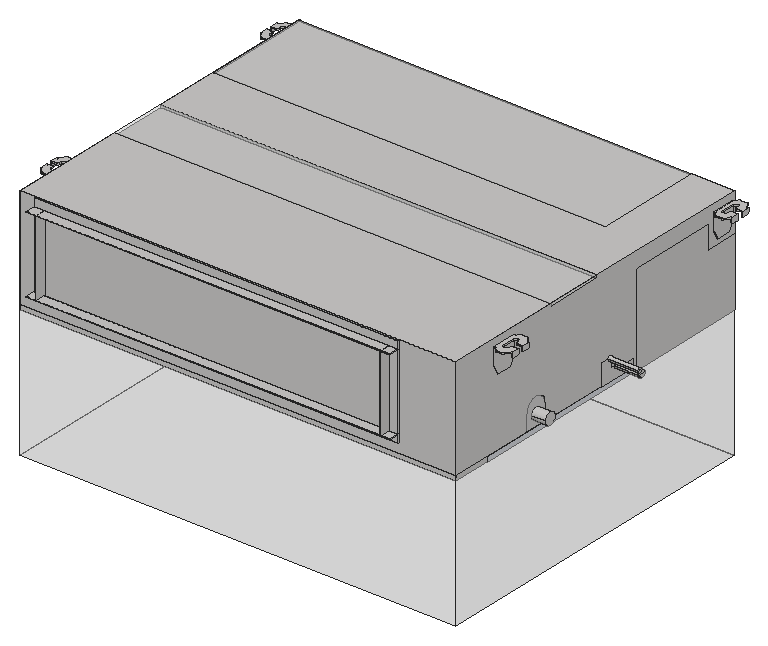
Revit family "outputfile", category 機械設備, Revit 2024
Family settings
  丸型コネクタ寸法 = 半径を使用
  パーツ タイプ = 標準
  OmniClass 番号 = 23.75.10.24.21.27.27
  OmniClass タイトル = Split System Air Conditioning Units
  作業面ベース = いいえ
  常に垂直 = はい
  ロード時にボイドで切り取り = いいえ
  注釈の向きを維持 = いいえ
  共有 = いいえ
  部屋計算ポイント = はい
Parameters (values of type "FXDBQ63AVMS")
  Description = ""
  書き出し IFC クラス(タイプ) = "IfcUnitaryEquipmentType"
  定義済み IFC タイプ(タイプ) = "AIRCONDITIONINGUNIT"
  Cost = 0
  Type Comments = ""
  Keynote = ""
  Type Image = (empty or 0)
  Assembly Code = ""
  lh_liquidpipe = [h***] + 60.0 mm  # 60.0 mm
  lh_RA [instance] = if(Rear Connection_Return Air, 125.25 mm + [h***], 245.0 mm + [h***])  # 125.25 mm
  ld_RA_length [instance] = if(Rear Connection_Return Air, 245.0 mm, 126.0 mm)  # 245.0 mm
  l_liquidpipe_length [instance] = 571.0 mm
  l_gaspipe_length [instance] = 558.0 mm
  l_drainpipe_length [instance] = 533.0 mm
  angle_vertica [instance] = 90.00°
  angle horizontal [instance] = if(Right Connection_refrigerant, 180.00°, 0.00°)  # 180.00°
  URL = ""
  Right Connection_refrigerant [instance] = yes
  製造元 = "Daikin"
  モデル = "FXDBQ63AVMS"
  w_pipe = 33.0 mm
  r_Liquid Pipe Size = Liquid Pipe Size / 2  # 4.75 mm
  r_Gas Pipe Size = Gas Pipe Size / 2  # 7.95 mm
  r_Drain Pipe Size = Drain Pipe Size / 2  # 12.5 mm
  lw_powersupply = 454.0 mm
  lw_ductflange2 = 902.0 mm
  lw_Width = 835.0 mm
  lh_suctionflange [instance] = 125.25 mm
  ld_suctionflange [instance] = if(Rear Connection_Return Air, 190.0 mm, 100.0 mm)  # 190.0 mm
  ld_powersupply = 60.0 mm
  angle_vertical_RA [instance] = if(Rear Connection_Return Air, 90.00°, 0.00°)  # 90.00°
  angle horizontal_RA [instance] = if(Rear Connection_Return Air, 180.00°, 270.00°)  # 180.00°
  Voltage_comment_50Hz = "220-240"
  Voltage_50Hz = 230 V
  Supply Air Direction [instance] = yes
  Sound Power Level_H speed (dB) = 0
  Rear Connection_Return Air [instance] = not(Bottom Connection_Return Air)  # yes
  RA_length [instance] = 245.0 mm  # constant formula
  Phase_50Hz = 1
  Minimum External Static Pressure = 15.00 Pa
  Minimum Circuit Amps_50Hz = 1.5 A
  Maximum Fuse Amps_50Hz = 16.0 A
  Maximum External Static Pressure = 50.00 Pa
  Material_Casing = DAIKIN_GalvanizedSteel_Casing_indoorunit
  lw_liquidpipe = 71.0 mm  # constant formula
  lw_gaspipe = 58.0 mm  # constant formula
  lw_mountinghole_pitch = 1038.0 mm
  lw_mountinghole = 20.0 mm  # constant formula
  lw_drainpipe = 33.0 mm  # constant formula
  lh_powersupply = 10.0 mm
  lh_gaspipe = [h***] + 38.0 mm  # 38.0 mm
  lh_mountinghole = Height - 15.0 mm + [h***]  # 230.0 mm
  lh_drainpipe = 150.0 mm
  lh_antena = 16.0 mm  # constant formula
  ld_liquidpipe = 193.0 mm  # constant formula
  ld_gaspipe = 130.0 mm  # constant formula
  ld_mountinghole_pitch = 630.0 mm  # constant formula
  ld_drainpipe = 280.0 mm
  ld_controlbox = 626.0 mm  # constant formula
  h*** = 0.0 mm  # constant formula
  d_dischargeflange = 25.0 mm  # constant formula
  Width = 1000.0 mm
  Version = "ver.1.0"
  Unit Type = "Bedroom Duct Type"
  Unit Mass Weight = 36.00 kg
  Unit Designation [instance] = ""
  Uniclass2015Version = "Products v1.30"
  Uniclass2015Title = "Variable refrigerant flow units"
  Uniclass2015Code = "Pr_70_65_03_94"
  Total Heating Capacity [instance] = 0.000 kW
  Total Cooling Capacity [instance] = 0.000 kW
  Sound Pressure Level_M speed (dBA) = 0
  Sound Pressure Level_L speed (dBA) = 27
  Sound Pressure Level_H speed (dBA) = 35
  Series = "VRV Fan Coil Unit"
  Sensible Cooling Capacity [instance] = 0.000 kW
  SA Duct Size Width = 790.0 mm
  SA Duct Size Height = 174.0 mm
  Refrigerant Type = "R410A"
  RA Duct Size Width = 862.0 mm
  RA Duct Size Height [instance] = if(Rear Connection_Return Air, 202.6 mm, 204.0 mm)  # 202.6 mm
  Power Input (Heating) = 0.090 kW
  Power Input (Cooling) = 0.090 kW
  Option Accessory 3 [instance] = ""
  Option Accessory 2 [instance] = ""
  Option Accessory 1 [instance] = ""
  Nominal Heating Capacity = 8.000 kW
  Nominal Cooling Capacity = 7.100 kW
  Minimum Airflow = 870.00 m³/h
  Median Airflow = 1080.00 m³/h
  Maximum Airflow = 1320.00 m³/h
  Load Classification = HVAC
  Liquid Pipe Size = 9.5 mm
  Link_Nested Family [instance] = ""
  Left Connection_refrigerant [instance] = no
  IfcVersion = "0"
  IfcExportType = "AIRCONDITIONINGUNIT"
  IfcExportAs = "IfcUnitaryEquipmentType"
  Height = 245.0 mm
  Heating Entering Wet Bulb Temperature [instance] = 0.00 °C
  Heating Entering Dry Bulb Temperature [instance] = 0.00 °C
  Heating Ambient Wet Bulb Temperature [instance] = 0.00 °C
  Heating Ambient Dry Bulb Temperature [instance] = 0.00 °C
  Heat Exchanger Type = "Cross Fin Coil"
  Gas Pipe Size = 15.9 mm
  Frequency_50Hz = 50 Hz
  Fan Type = "Sirocco Fan"
  Fan Drive = "Direct Drive"
  FCU Tag No. [instance] = ""
  Drain Pipe Size = 25.0 mm
  Design Supply Airflow [instance] = 0.00 m³/h
  Design Return Airflow [instance] = 0.00 m³/h
  Design External Static Pressure [instance] = 0.00 Pa
  Depth = 800.0 mm
  既定の高さ = 0.0 mm
  Cooling Entering Wet Bulb Temperature [instance] = 0.00 °C
  Cooling Entering Dry Bulb Temperature [instance] = 0.00 °C
  Cooling Ambient Wet Bulb Temperature [instance] = 0.00 °C
  Cooling Ambient Dry Bulb Temperature [instance] = 0.00 °C
  Clearance visibility [instance] = yes
  Clearance Top = 0.0 mm
  Clearance Right = 0.0 mm
  Clearance Rear = 0.0 mm
  Clearance Left = 0.0 mm
  Clearance Front = 0.0 mm
  Clearance Bottom = 300.0 mm
  Bottom Connection_Return Air [instance] = no
Reference planes
  plane 1 "Center (Front/Back)": y = 0
  plane 2: z = 0
  plane 3 "Center (Left/Right)": x = 0
  plane 4 "Back": y = 400
  plane 5 "Front": y = -400
  plane 6 "Left": x = -500
  plane 7 "Right": x = 500
  plane 8 "Top": z = 0
  plane 9 "Bottom": z = -245
  plane 10: x = 330
  plane 11: x = -330
  plane 12: z = -235
  plane 13: z = -6
  plane 14: z = -67
  plane 15: z = -185
  plane 16: z = -207
  plane 17: x = -304
  plane 18: x = 304
  plane 19: x = -519
  plane 20: x = 519
  plane 21: x = -539
  plane 22: x = 390
  plane 23: x = 571
  plane 24: x = 558
  plane 25: x = 533
  plane 26: z = -15
  plane 27: z = -95
  plane 28 "Clearance Left": x = -500
  plane 29 "Clearance Right": x = 500
  plane 30 "Clearance Rear": y = 400
  plane 31 "Clearance Front": y = -400
  plane 32 "Clearance Top": z = 0
  plane 33 "Clearance Bottom": z = -545
  plane 34: z = -21
  plane 35: z = -206
  plane 36: z = -141.5
  plane 37: x = -40
  plane 38: y = 61
  plane 39: y = 39
  plane 40: y = -30
  plane 41: y = -171
  plane 42: z = -97.5
  plane 43: y = -400
  plane 44: x = -499
  plane 45: z = -145
  plane 46: z = -355
  plane 47: y = 210
  plane 48: z = 331
  plane 49: z = -244
  plane 50: y = 210
  plane 51: z = -146
  plane 52: x = 533
  plane 53: x = 495
  plane 54: x = 505
  plane 55: x = 501
  plane 56: x = 401
  plane 57: x = 499.004
  plane 58: x = -499
  plane 59: x = 454
  plane 60: z = -108
  plane 61: z = -234
  plane 62: x = -467
  plane 63: z = -3
  plane 64: x = -49.5
  plane 65: z = -1
  plane 66: y = 155
  plane 67: x = -50
  plane 68: y = -266
  plane 69: y = 364
  plane 70: z = -15
  plane 71: z = -185
  plane 72: z = -207
  plane 73: x = -533
  plane 74: x = -501
  plane 75: x = -571
  plane 76: x = -558
  plane 77: y = 280.25
  plane 78: z = 125.25
  plane 79: y = 117.5
  plane 80: z = -36.4
  plane 81: y = 399
Forms (mm)
  Extrusion 1, solid
    sketch origin (0, 0, 0) x (1, 0, 0) y (0, 0, 1)
      loop
        line (-500, -235) -> (-500, -245) -> (500, -245) -> (500, -235) -> (-500, -235)
    from -116.5 to 310
  Extrusion 2, solid, material "DAIKIN_GalvanizedSteel_Casing_indoorunit" <- "Material_Casing"
    sketch origin (0, 0, 0) x (1, 0, 0) y (0, 1, 0)
      loop
        line (-500, -400) -> (500, -400) -> (500, 400) -> (-500, 400) -> (-500, -400)
    from -245 to 0
  Extrusion 3, void
    sketch origin (0, 0, 1) x (1, 0, 0) y (0, 1, 0)
      loop
        line (-500, -128.821) -> (500, -128.821) -> (500, 4.179) -> (-500, 4.179) -> (-500, -128.821)
    from -1 to -7
  Revolve 4, solid, material "DAIKIN_GalvanizedSteel_Casing_indoorunit" <- "Material_Casing"
    sketch origin (0, 0, -207) x (0, -1, 0) y (1, 0, 0)
      loop
        line (-68.95, 501) -> (-61, 501) -> (-61, 558) -> (-68.95, 558) -> (-68.95, 501)
      axis (-61, 501) -> (-61, 558)
    angle from 0 to 360
  Revolve 5, solid, material "DAIKIN_GalvanizedSteel_Casing_indoorunit" <- "Material_Casing"
    sketch origin (0, 0, -185) x (0, -1, 0) y (1, 0, 0)
      loop
        line (-39, 501) -> (-39, 571) -> (-43.75, 571) -> (-43.75, 501) -> (-39, 501)
      axis (-39, 571) -> (-39, 501)
    angle from 0 to 360
  Extrusion 6, solid, material "DAIKIN_GalvanizedSteel_Casing_indoorunit" <- "Material_Casing"
    sketch origin (0, 0, 0) x (0, 1, 0) y (0, 0, 1)
      loop
        circle (-171, -206) r 13
    from 533 to 499.004
  Extrusion 7, solid, material "DAIKIN_GalvanizedSteel_Casing_indoorunit" <- "Material_Casing"
    sketch origin (0, 0, 0) x (1, 0, 0) y (0, 0, 1)
      loop
        line (-500, -235) -> (-500, -245) -> (500, -245) -> (500, -235) -> (-500, -235)
    from -116.5 to 400
  Extrusion 8, void
    sketch origin (0, 0, 0) x (1, 0, 0) y (0, 0, 1)
      loop
        line (401, 0) -> (-499, 0) -> (-499, -1) -> (401, -1) -> (401, 0)
    from -400 to -152.5
  Extrusion 9, solid, material "DAIKIN_GalvanizedSteel_Casing_indoorunit" <- "Material_Casing", visible <- "Rear Connection_Return Air"
    sketch origin (0, 0, 0) x (1, 0, 0) y (0, 1, 0)
      loop
        line (-499, 400) -> (-499, 152.5) -> (401, 152.5) -> (401, 400) -> (-499, 400)
    from -245 to -244
  Extrusion 10, solid, material "DAIKIN_GalvanizedSteel_Casing_indoorunit" <- "Material_Casing", visible <- "Bottom Connection_Return Air"
    sketch origin (0, 0, 0) x (1, 0, 0) y (0, 0, 1)
      loop
        line (401, -1) -> (-499, -1) -> (-499, -245) -> (401, -245) -> (401, -1)
    from -400 to -399
  Extrusion 11, void
    sketch origin (0, 0, 0) x (0, 1, 0) y (0, 0, 1)
      loop
        arc (-143.5, -198.721) -> (-171, -171.221) -> (-198.5, -198.721) r 27.5
        line (-198.5, -198.721) -> (-198.5, -235) -> (-143.5, -235) -> (-143.5, -198.721)
    from 499.004 to 500
  Extrusion 12, solid, material "DAIKIN_GalvanizedSteel_Casing_indoorunit" <- "Material_Casing"
    sketch origin (0, 0, 0) x (0, 1, 0) y (0, 0, 1)
      loop
        line (35.8, -185) -> (16.8, -185) -> (16.8, -235) -> (107.3, -235) -> (107.3, -217) -> (67.3, -217) -> (67.3, -207)
        arc (67.3, -207) -> (60.975, -213.325) -> (54.65, -207) r 6.325
        line (54.65, -207) -> (42.2, -207) -> (42.2, -185)
        arc (42.2, -185) -> (39, -188.2) -> (35.8, -185) r 3.2
    from 500 to 501
  Extrusion 13, void
    sketch origin (0, 0, 0) x (0, 1, 0) y (0, 0, -1)
      loop
        line (-143.5, 198.721) -> (-143.5, 235) -> (-198.5, 235) -> (-198.5, 198.721)
        arc (-198.5, 198.721) -> (-171, 171.221) -> (-143.5, 198.721) r 27.5
    from 499 to 500
  Extrusion 14, solid, material "DAIKIN_GalvanizedSteel_Casing_indoorunit" <- "Material_Casing"
    sketch origin (0, 0, 0) x (0, 1, 0) y (0, 0, -1)
      loop
        circle (-171, 206) r 13
    from 533 to 499
  Extrusion 15, solid, material "DAIKIN_GalvanizedSteel_Casing_indoorunit" <- "Material_Casing"
    sketch origin (0, 0, 0) x (0, 1, 0) y (0, 0, -1)
      loop
        arc (35.8, 185) -> (39, 188.2) -> (42.2, 185) r 3.2
        line (42.2, 185) -> (42.2, 207) -> (54.65, 207)
        arc (54.65, 207) -> (60.975, 213.325) -> (67.3, 207) r 6.325
        line (67.3, 207) -> (67.3, 217) -> (107.3, 217) -> (107.3, 235) -> (16.8, 235) -> (16.8, 185) -> (35.8, 185)
    from 500 to 501
  Revolve 16, solid, material "DAIKIN_GalvanizedSteel_Casing_indoorunit" <- "Material_Casing"
    sketch origin (0, 0, -185) x (0, -1, 0) y (1, 0, 0)
      loop
        line (-39, -501) -> (-43.75, -501) -> (-43.75, -571) -> (-39, -571) -> (-39, -501)
      axis (-39, -571) -> (-39, -501)
    angle from 0 to 360
  Revolve 17, solid, material "DAIKIN_GalvanizedSteel_Casing_indoorunit" <- "Material_Casing"
    sketch origin (0, 0, -207) x (0, -1, 0) y (1, 0, 0)
      loop
        line (-68.95, -501) -> (-68.95, -558) -> (-61, -558) -> (-61, -501) -> (-68.95, -501)
      axis (-61, -501) -> (-61, -558)
    angle from 0 to 360
  Extrusion 18, solid, material "DAIKIN_GalvanizedSteel_Casing_indoorunit" <- "Material_Casing"
    sketch origin (0, 0, 0) x (0, 1, 0) y (0, 0, 1)
      loop
        line (117.5, -36.4) -> (117.5, -245) -> (400, -245) -> (400, -88) -> (322.4, -88) -> (322.4, -36.4) -> (117.5, -36.4)
    from 501 to 500
Cuts and joins
  Extrusion 3, Extrusion 8, Extrusion 11, Extrusion 13 cuts Extrusion 2
  Extrusion 8, Extrusion 11, Extrusion 13 cuts Extrusion 7
Dimensions and locks
  "lh_powersupply": plane 12 to plane 9 "Bottom"
  locked: plane 8 "Top" to plane 13 at 6
  "Height": plane 8 "Top" to plane 9 "Bottom"
  equal spacing: plane 17, plane 3 "Center (Left/Right)", plane 18, locked at 304 each
  locked: plane 17 to plane 18 at 608
  equal spacing: plane 19, plane 3 "Center (Left/Right)", plane 20
  "lw_mountinghole_pitch": plane 19 to plane 20
  locked: plane 14 to plane 9 "Bottom" at 178
  "lw_mountinghole": plane 21 to plane 19
  locked: plane 15 to plane 9 "Bottom" at 60
  "lh_gaspipe": plane 16 to plane 9 "Bottom"
  "lh_mountinghole": plane 26 to plane 9 "Bottom"
  equal spacing: plane 6 "Left", plane 3 "Center (Left/Right)", plane 7 "Right"
  "Width": plane 6 "Left" to plane 7 "Right"
  "lh_drainpipe": plane 27 to plane 9 "Bottom"
  "Clearance Right": plane 7 "Right" to plane 29 "Clearance Right"
  "Clearance Left": plane 28 "Clearance Left" to plane 6 "Left"
  "lw_gaspipe": plane 7 "Right" to plane 24
  "lw_liquidpipe": plane 7 "Right" to plane 23
  "lw_drainpipe": plane 7 "Right" to plane 25
  "Clearance Rear": plane 30 "Clearance Rear" to plane 4 "Back"
  "Clearance Front": plane 5 "Front" to plane 31 "Clearance Front"
  "Clearance Top": plane 32 "Clearance Top" to plane 8 "Top"
  "Clearance Bottom": plane 9 "Bottom" to plane 33 "Clearance Bottom"
  locked: plane 8 "Top" to plane 34 at 21
  locked: plane 8 "Top" to plane 35 at 206
  locked: plane 36 to plane 9 "Bottom" at 103.5
  locked: plane 34 to plane 42 at 76.5
  locked: plane 44 to plane 6 "Left" at 1
  locked: plane 12 to plane 45 at 90
  locked: plane 46 to plane 33 "Clearance Bottom" at 190
  plane 48 to plane 26 = 346.0 mm
  locked: plane 49 to plane 9 "Bottom" at 1
  "ld_suctionflange": plane 4 "Back" to plane 50
  locked: plane 51 to plane 9 "Bottom" at 99
  locked: plane 7 "Right" to plane 52 at 33
  locked: plane 53 to plane 7 "Right" at 5
  locked: plane 7 "Right" to plane 54 at 5
  locked: plane 7 "Right" to plane 55 at 1
  plane 7 "Right" to plane 56 = 99.0 mm
  locked: plane 7 "Right" to plane 57 at 0.996
  locked: plane 58 to plane 6 "Left" at 1
  "lw_powersupply": plane 3 "Center (Left/Right)" to plane 59
  locked: plane 61 to plane 9 "Bottom" at 11
  locked: plane 6 "Left" to plane 62 at 33
  locked: plane 8 "Top" to plane 63 at 3
  locked: plane 8 "Top" to plane 65 at 1
  plane 66 to plane 4 "Back" = 245.0 mm
  "ld_mountinghole_pitch": plane 69 to plane 68
  locked: plane 8 "Top" to plane 70 at 15
  "Depth": plane 4 "Back" to plane 43
  equal spacing: plane 4 "Back", plane 1 "Center (Front/Back)", plane 43, locked at 400 each
  locked: plane 31 "Clearance Front" to plane 41 at 229
  locked: plane 31 "Clearance Front" to plane 39 at 439
  locked: plane 39 to plane 38 at 22
  locked: plane 8 "Top" to plane 71 at 185
  locked: plane 71 to plane 72 at 22
  locked: plane 60 to plane 9 "Bottom" at 137
  plane 72 to plane 9 "Bottom" = 38.0 mm
  locked: plane 73 to plane 6 "Left" at 33
  locked: plane 74 to plane 6 "Left" at 1
  locked: plane 75 to plane 6 "Left" at 71
  locked: plane 76 to plane 6 "Left" at 58
  "r_Liquid Pipe Size": Revolve 5 sketch curve to Revolve 5 sketch curve
  "r_Gas Pipe Size": Revolve 4 sketch curve to Revolve 4 sketch curve
  "lh_suctionflange": plane 78 to level
  "r_Liquid Pipe Size": Revolve 16 sketch curve to Revolve 16 sketch curve
  "r_Gas Pipe Size": Revolve 17 sketch curve to Revolve 17 sketch curve
  locked: plane 68 to plane 43 at 134
  "ld_RA_length": plane 30 "Clearance Rear" to plane 66
  locked: plane 30 "Clearance Rear" to Extrusion 9 sketch curve at 247.5
  locked: plane 79 to plane 30 "Clearance Rear" at 282.5
  locked: plane 80 to plane 9 "Bottom" at 208.6
  locked: Extrusion 18 sketch curve to Extrusion 18 sketch curve at 51.6
  locked: Extrusion 18 sketch curve to nested 8 at 77.6
  locked: plane 4 "Back" to plane 81 at 1
  aligned and locked: level to plane 2
  aligned and locked: Extrusion 2 to plane 9 "Bottom"
  aligned and locked: plane 8 "Top" to Extrusion 2
  aligned and locked: Revolve 4 sketch curve to Revolve 4 sketch curve
  aligned and locked: plane 20 to nested 2
  aligned and locked: plane 19 to nested 3
  aligned and locked: plane 19 to nested 4
  aligned and locked: nested 7 to plane 12
  aligned and locked: Extrusion 7 to plane 9 "Bottom"
  aligned and locked: Extrusion 6 sketch curve to plane 41
  aligned and locked: plane 4 "Back" to Extrusion 8
  aligned and locked: plane 8 "Top" to Extrusion 3
  aligned and locked: plane 9 "Bottom" to Extrusion 9  (x2)
  aligned and locked: Extrusion 9 to plane 49
  aligned and locked: Extrusion 8 to level
  aligned and locked: plane 30 "Clearance Rear" to nested 8
  aligned and locked: plane 29 "Clearance Right" to nested 8
  aligned and locked: plane 28 "Clearance Left" to nested 8
  aligned and locked: nested 8 to plane 32 "Clearance Top"
  aligned and locked: nested 8 to plane 33 "Clearance Bottom"
  aligned and locked: Extrusion 3 to plane 13
  aligned and locked: plane 7 "Right" to cut or joined group of Extrusion 2, Extrusion 3, Extrusion 8, Extrusion 11, Extrusion 13  (x2)
  aligned and locked: plane 52 to Extrusion 6
  aligned and locked: plane 56 to Extrusion 8 sketch curve
  aligned and locked: Extrusion 9 to plane 56
  aligned and locked: cut or joined group of Extrusion 2, Extrusion 3, Extrusion 8, Extrusion 11, Extrusion 13 to plane 43
  aligned and locked: nested 7 to plane 59
  aligned and locked: nested 6 to plane 1 "Center (Front/Back)"
  aligned and locked: plane 3 "Center (Left/Right)" to nested 6
  aligned and locked: plane 60 to nested 5  (x2)
  aligned and locked: nested 10 to plane 62
  aligned and locked: nested 10 to plane 63
  aligned and locked: plane 64 to nested 5
  aligned and locked: nested 11 to plane 58
  aligned and locked: plane 4 "Back" to nested 11
  aligned and locked: plane 65 to nested 11
  aligned and locked: plane 4 "Back" to Extrusion 10
  aligned and locked: plane 65 to Extrusion 10
  aligned and locked: Extrusion 10 to plane 9 "Bottom"
  aligned and locked: Extrusion 10 to plane 56
  aligned and locked: plane 4 "Back" to nested 7
  aligned and locked: nested 13 to plane 68
  aligned and locked: plane 6 "Left" to nested 13
  aligned and locked: plane 68 to nested 12
  aligned and locked: nested 12 to plane 7 "Right"
  aligned and locked: nested 15 to plane 69
  aligned and locked: plane 6 "Left" to nested 15
  aligned and locked: plane 69 to nested 14
  aligned and locked: nested 14 to plane 7 "Right"
  aligned and locked: plane 70 to nested 13
  aligned and locked: plane 70 to nested 15
  aligned and locked: plane 20 to nested 1
  aligned and locked: nested 1 to plane 69
  aligned and locked: nested 4 to plane 69
  aligned and locked: nested 3 to plane 68
  aligned and locked: nested 2 to plane 68
  aligned and locked: cut or joined group of Extrusion 2, Extrusion 3, Extrusion 8, Extrusion 11, Extrusion 13 to plane 57
  aligned and locked: Extrusion 6 to plane 57
  aligned and locked: nested 5 to plane 64
  aligned and locked: nested 5 to plane 43
  aligned and locked: cut or joined group of Extrusion 7, Extrusion 8, Extrusion 11, Extrusion 13 to plane 43
  aligned and locked: plane 7 "Right" to Extrusion 12
  aligned and locked: plane 55 to Extrusion 12
  aligned and locked: plane 71 to Revolve 5
  aligned and locked: plane 72 to Revolve 4
  aligned and locked: plane 72 to Extrusion 12
  aligned and locked: Extrusion 12 to plane 12
  aligned and locked: plane 71 to Extrusion 12
  aligned and locked: cut or joined group of Extrusion 2, Extrusion 3, Extrusion 8, Extrusion 11, Extrusion 13 to plane 6 "Left"  (x2)
  aligned and locked: plane 58 to cut or joined group of Extrusion 2, Extrusion 3, Extrusion 8, Extrusion 11, Extrusion 13
  aligned and locked: plane 58 to Extrusion 14
  aligned and locked: Extrusion 14 to plane 73
  aligned and locked: plane 6 "Left" to Extrusion 15
  aligned and locked: Extrusion 15 to plane 74
  aligned and locked: Revolve 16 to plane 74
  aligned and locked: Revolve 16 to plane 75
  aligned and locked: Revolve 17 sketch curve to Revolve 17 sketch curve
  aligned and locked: Revolve 17 to plane 74
  aligned and locked: Revolve 17 to plane 76
  aligned and locked: nested 16 to plane 39
  aligned and locked: nested 17 to plane 38
  aligned and locked: nested 17 to plane 3 "Center (Left/Right)"
  aligned and locked: plane 71 to Revolve 16
  aligned and locked: plane 72 to Revolve 17
  aligned and locked: plane 43 to nested 10
  aligned and locked: nested 8 to plane 43
  aligned and locked: nested 18 to plane 41
  aligned and locked: plane 3 "Center (Left/Right)" to nested 18
  aligned and locked: plane 35 to nested 18
  aligned and locked: nested 9 to plane 67  (x2)
  aligned and locked: nested 12 to plane 70
  aligned and locked: nested 14 to plane 70
  aligned and locked: nested 9 to plane 66
  aligned and locked: plane 29 "Clearance Right" to Extrusion 18
  aligned and locked: plane 55 to Extrusion 18
  aligned and locked: plane 80 to Extrusion 18
  aligned and locked: plane 79 to Extrusion 18
  aligned and locked: nested 19 to plane 9 "Bottom"
  aligned and locked: nested 19 to plane 56
  aligned and locked: nested 19 to plane 81
  aligned and locked: level to plane 8 "Top"
Automatic sketch dimensions
  Extrusion 1 sketch curve to plane 6 "Left" = 0.0 mm
  Extrusion 1 sketch curve to plane 7 "Right" = 0.0 mm
  Extrusion 1 sketch curve to plane 9 "Bottom" = 0.0 mm
  Extrusion 1 sketch curve to plane 12 = 0.0 mm
  Extrusion 2 sketch curve to plane 4 "Back" = 0.0 mm
  Extrusion 2 sketch curve to plane 6 "Left" = 0.0 mm
  Extrusion 2 sketch curve to plane 7 "Right" = 0.0 mm
  Extrusion 2 sketch curve to plane 43 = 0.0 mm
  Extrusion 3 sketch curve to plane 6 "Left" = 0.0 mm
  Extrusion 3 sketch curve to plane 7 "Right" = 0.0 mm
  plane 41 to Extrusion 3 sketch curve = 42.179 mm
  Extrusion 3 sketch curve to plane 1 "Center (Front/Back)" = 4.179 mm
  Revolve 4 sketch curve to plane 24 = 0.0 mm
  Revolve 4 sketch curve to plane 38 = 0.0 mm
  Revolve 4 sketch curve to plane 55 = 0.0 mm
  plane 55 to Revolve 4 sketch curve = 1.003 mm
  plane 24 to Revolve 4 sketch curve = 1.003 mm
  Revolve 5 sketch curve to plane 39 = 0.0 mm  (x2)
  Revolve 5 sketch curve to plane 23 = 0.0 mm  (x2)
  Revolve 5 sketch curve to plane 55 = 0.0 mm  (x2)
  Extrusion 6 sketch curve to plane 35 = 0.0 mm
  Extrusion 7 sketch curve to plane 6 "Left" = 0.0 mm
  Extrusion 7 sketch curve to plane 7 "Right" = 0.0 mm
  Extrusion 7 sketch curve to plane 9 "Bottom" = 0.0 mm
  Extrusion 7 sketch curve to plane 12 = 0.0 mm
  Extrusion 9 sketch curve to plane 44 = 0.0 mm
  Extrusion 9 sketch curve to plane 4 "Back" = 0.0 mm
  Extrusion 9 sketch curve to plane 56 = 0.0 mm
  Extrusion 10 sketch curve to plane 44 = 0.0 mm
  Extrusion 10 sketch curve to plane 9 "Bottom" = 0.0 mm
  Extrusion 10 sketch curve to plane 56 = 0.0 mm
  Extrusion 10 sketch curve to plane 65 = 0.0 mm
  Extrusion 11 sketch curve to plane 12 = 0.0 mm
  Extrusion 11 sketch curve to plane 41 = 0.0 mm
  Extrusion 11 sketch curve to plane 41 = 27.5 mm
  plane 35 to Extrusion 11 sketch curve = 7.279 mm
  Extrusion 12 sketch curve to plane 15 = 0.0 mm
  Extrusion 12 sketch curve to plane 12 = 0.0 mm
  Extrusion 12 sketch curve to plane 39 = 0.0 mm
  Extrusion 12 sketch curve to plane 72 = 0.0 mm
  Extrusion 12 sketch curve to Extrusion 12 sketch curve = 3.2 mm
  Extrusion 12 sketch curve to plane 1 "Center (Front/Back)" = 16.8 mm
  Extrusion 12 sketch curve to plane 38 = 6.35 mm
  Extrusion 12 sketch curve to plane 38 = 0.025 mm
  Extrusion 12 sketch curve to Extrusion 12 sketch curve = 40.0 mm
  Extrusion 12 sketch curve to Extrusion 12 sketch curve = 10.0 mm
  Extrusion 13 sketch curve to plane 12 = 0.0 mm
  Extrusion 13 sketch curve to plane 41 = 0.0 mm
  Extrusion 13 sketch curve to plane 41 = 27.5 mm
  plane 35 to Extrusion 13 sketch curve = 7.279 mm
  Extrusion 14 sketch curve to plane 35 = 0.0 mm
  Extrusion 14 sketch curve to plane 41 = 0.0 mm
  Extrusion 15 sketch curve to plane 15 = 0.0 mm
  Extrusion 15 sketch curve to plane 12 = 0.0 mm
  Extrusion 15 sketch curve to plane 39 = 0.0 mm
  Extrusion 15 sketch curve to plane 72 = 0.0 mm
  Extrusion 15 sketch curve to Extrusion 15 sketch curve = 3.2 mm
  Extrusion 15 sketch curve to plane 1 "Center (Front/Back)" = 16.8 mm
  Extrusion 15 sketch curve to plane 38 = 6.35 mm
  Extrusion 15 sketch curve to plane 38 = 0.025 mm
  Extrusion 15 sketch curve to Extrusion 15 sketch curve = 40.0 mm
  Extrusion 15 sketch curve to Extrusion 15 sketch curve = 10.0 mm
  Revolve 16 sketch curve to plane 74 = 0.0 mm  (x2)
  Revolve 16 sketch curve to plane 75 = 0.0 mm  (x2)
  Revolve 16 sketch curve to plane 39 = 0.0 mm  (x2)
  Revolve 17 sketch curve to plane 74 = 0.0 mm
  Revolve 17 sketch curve to plane 38 = 0.0 mm
  plane 75 to Revolve 17 sketch curve = 13.0 mm
  Revolve 17 sketch curve to plane 74 = 1.003 mm
  Revolve 17 sketch curve to Revolve 17 sketch curve = 1.003 mm
  Extrusion 8 sketch curve to plane 44 = 0.0 mm
  Extrusion 8 sketch curve to level = 0.0 mm
  Extrusion 8 sketch curve to plane 65 = 0.0 mm
  Extrusion 18 sketch curve to plane 9 "Bottom" = 0.0 mm
  Extrusion 18 sketch curve to plane 79 = 0.0 mm
  Extrusion 18 sketch curve to plane 80 = 0.0 mm
  Extrusion 18 sketch curve to plane 4 "Back" = 0.0 mm
  radius of Extrusion 6 sketch curve = 13.0 mm
  radius of Extrusion 14 sketch curve = 13.0 mm
Nested families
  nested 1: "daikin_mountinghole" at (519, 364, -245), l_antenna <- "lh_antena", Link_Nested Family <- "Link_Nested Family", h_mountinghole <- "lh_mountinghole", type "daikin_mountinghole"
    with show yes, l_antenna 16.0 mm, h_mountinghole 230.0 mm, Link_Nested Family ""
  nested 2: "daikin_mountinghole" at (519, -266, -245), Link_Nested Family <- "Link_Nested Family", l_antenna <- "lh_antena", h_mountinghole <- "lh_mountinghole", type "daikin_mountinghole"
    with show yes, l_antenna 16.0 mm, h_mountinghole 230.0 mm, Link_Nested Family ""
  nested 3: "daikin_mountinghole" at (-519, -266, -245), l_antenna <- "lh_antena", Link_Nested Family <- "Link_Nested Family", h_mountinghole <- "lh_mountinghole", type "daikin_mountinghole"
    with show yes, l_antenna 16.0 mm, h_mountinghole 230.0 mm, Link_Nested Family ""
  nested 4: "daikin_mountinghole" at (-519, 364, -245), l_antenna <- "lh_antena", Link_Nested Family <- "Link_Nested Family", h_mountinghole <- "lh_mountinghole", type "daikin_mountinghole"
    with show yes, l_antenna 16.0 mm, h_mountinghole 230.0 mm, Link_Nested Family ""
  nested 5: "daikin_connector_rotate2" at (-49.5, -400, -108), length <- "d_dischargeflange", type "daikin_connector_rotate2"
    with radius 10.0 mm, length 25.0 mm, angle_vertical 90.00°, show_face no
  nested 6: "daikin_△_symbolicline" at (-75, -129.904, 245) x (-0.5, 0.866, 0) z (0, 0, 1), built-in parameter 1001364 <- "Height", visible <- "Supply Air Direction", type "daikin_△_symbolicline"
    with length 300.0 mm
  nested 7: "daikin_connector_rotate2" at (454, 340, -235) x (-1, 0, 0) z (0, 0, 1), built-in parameter 1001364 <- "lw_powersupply", length <- "ld_powersupply", type "daikin_connector_rotate2"
    with radius 10.0 mm, length 60.0 mm, angle_vertical 90.00°, show_face no
  nested 8: "daikin_clearancespace" at (0, 0, -272.381), visible <- "Clearance visibility", show <- "Clearance visibility", Link_Nested Family <- "Link_Nested Family", type "daikin_clearancespace"
    with width 1000.0 mm, show yes, height 545.0 mm, depth 800.0 mm, Link_Nested Family ""
  nested 9: "daikin_connector_rotate3" at (-50, 155, -119.75), angle_vertical <- "angle_vertical_RA", angle_horizontal <- "angle horizontal_RA", length <- "RA_length", built-in parameter 1001364 <- "lh_RA", type "daikin_connector_rotate3"
    with show no, radius 10.0 mm, length 245.0 mm, angle_vertical 90.00°, angle_horizontal 180.00°
  nested 10: "daikin_ductflange_FXDBQ-AVMS" at (-49.5, -86.5, -385.201), width <- "lw_Width", material <- "Material_Casing", type "daikin_ductflange_FXDBQ-AVMS"
    with width 835.0 mm, material DAIKIN_GalvanizedSteel_Casing_indoorunit, height 176.0 mm, depth 25.0 mm
  nested 11: "daikin_ductflange_FXDBQ-AVMS2" at (-49, 400, -119.75), material <- "Material_Casing", visible <- "Rear Connection_Return Air", width <- "lw_ductflange2", rear <- "Rear Connection_Return Air", bottom <- "Bottom Connection_Return Air", type "daikin_ductflange_FXDBQ-AVMS2"
    with width 902.0 mm, rear yes, material DAIKIN_GalvanizedSteel_Casing_indoorunit, height 245.0 mm, depth 1.0 mm, bottom no, H2 18.5 mm, H1 202.5 mm
  nested 12: "daikin_hangerfixture_FXDBQ-AVMS" at (500, -266, -15) x (0, 1, 0) z (0, 0, 1), type "daikin_hangerfixture_FXDBQ-AVMS"
  nested 13: "daikin_hangerfixture_FXDBQ-AVMS" at (-500, -266, -15) x (0, -1, 0) z (0, 0, 1), type "daikin_hangerfixture_FXDBQ-AVMS"
  nested 14: "daikin_hangerfixture_FXDBQ-AVMS" at (500, 364, -15) x (0, 1, 0) z (0, 0, 1), type "daikin_hangerfixture_FXDBQ-AVMS"
  nested 15: "daikin_hangerfixture_FXDBQ-AVMS" at (-500, 364, -15) x (0, -1, 0) z (0, 0, 1), type "daikin_hangerfixture_FXDBQ-AVMS"
  nested 16: "daikin_connector_rotate3" at (0, 39, -185) x (0, -1, 0) z (0, 0, 1), radius <- "r_Liquid Pipe Size", angle_vertical <- "angle_vertica", length <- "l_liquidpipe_length", angle_horizontal <- "angle horizontal", type "daikin_connector_rotate3"
    with show no, radius 4.75 mm, length 571.0 mm, angle_vertical 90.00°, angle_horizontal 180.00°
  nested 17: "daikin_connector_rotate3" at (0, 61, -207) x (0, -1, 0) z (0, 0, 1), angle_vertical <- "angle_vertica", angle_horizontal <- "angle horizontal", length <- "l_gaspipe_length", radius <- "r_Gas Pipe Size", built-in parameter 1001364 <- "lh_gaspipe", type "daikin_connector_rotate3"
    with show no, radius 7.95 mm, length 558.0 mm, angle_vertical 90.00°, angle_horizontal 180.00°
  nested 18: "daikin_connector_rotate3" at (0, -171, -206) x (0, -1, 0) z (0, 0, 1), angle_vertical <- "angle_vertica", angle_horizontal <- "angle horizontal", length <- "l_drainpipe_length", radius <- "r_Drain Pipe Size", type "daikin_connector_rotate3"
    with show no, radius 12.5 mm, length 533.0 mm, angle_vertical 90.00°, angle_horizontal 180.00°
  nested 19: "daikin_ductflange_FXDBQ-AVMS2" at (-49, 274.75, -244) x (1, 0, 0) z (0, -1, 0), width <- "lw_ductflange2", material <- "Material_Casing", visible <- "Bottom Connection_Return Air", rear <- "Rear Connection_Return Air", bottom <- "Bottom Connection_Return Air", type "daikin_ductflange_FXDBQ-AVMS2"
    with width 902.0 mm, rear yes, material DAIKIN_GalvanizedSteel_Casing_indoorunit, height 245.0 mm, depth 1.0 mm, bottom no, H2 18.5 mm, H1 202.5 mm
Connectors
  hvac at (-49.5, -425, -108), driven by "SA Duct Size Height", driven by "SA Duct Size Width"
    settings: on nested 5, index 7, duct flow 0.00 m³/h, flow factor 0, pres drop 0.00 Pa, loss coef 0, conn angle 0.00°, conn width 790.0 mm, conn height 174.0 mm, conn diameter 609.6 mm, duct sys type 1, conn prof type 1, flow config 0, flow direction 2, loss method 4, conn ref index -1, conn util no, is conn primary yes, conn desc "SA Duct"
  electrical at (454, 400, -235), driven by "Load Classification"
    settings: on nested 7, index 9, voltage 0 V, apparent load 0 VA, apparent load phase1 0 VA, apparent load phase2 0 VA, apparent load phase3 0 VA, power factor 1, load classification "HVAC", number of poles 1, system type 30, power factor state 1, is connector primary yes, connector utility no, sub classification motor no, connector description "Power Supply"
  hvac at (-50, 400, -119.75), driven by "RA Duct Size Height", driven by "RA Duct Size Width"
    settings: on nested 9, index 10, duct flow 0.00 m³/h, flow factor 0, pres drop 0.00 Pa, loss coef 0, conn angle 0.00°, conn width 862.0 mm, conn height 202.6 mm, conn diameter 609.6 mm, duct sys type 2, conn prof type 1, flow config 0, flow direction 1, loss method 4, conn ref index -1, conn util no, is conn primary no, conn desc "RA Duct"
  piping at (558, 61, -207), diameter 15.9, driven by "r_Gas Pipe Size"
    settings: on nested 17, index 13, connector inside diameter 609.6 mm, connector length 0.0 mm, flow factor 0, pipe flow 0.00 m³/h, pressure drop 0.0 Pa, fitting loss kfactor 0, connector angle 0.00°, fixture units 0, engagement length 0.0 mm, angle of deflection 0.00°, flow configuration 1, flow direction 2, fitting loss method 0, system type 29, joint type 0, gender type 0, connector reference index -1, connector utility 0, adjustable connector no, is connector primary yes, connector description "Refrigerant Gas Piping"
  piping at (571, 39, -185), diameter 9.5, driven by "r_Liquid Pipe Size"
    settings: on nested 16, index 14, connector inside diameter 609.6 mm, connector length 0.0 mm, flow factor 0, pipe flow 0.00 m³/h, pressure drop 0.0 Pa, fitting loss kfactor 0, connector angle 0.00°, fixture units 0, engagement length 0.0 mm, angle of deflection 0.00°, flow configuration 1, flow direction 1, fitting loss method 0, system type 29, joint type 0, gender type 0, connector reference index -1, connector utility 0, adjustable connector no, is connector primary no, connector description "Refrigerant Liquid Piping"
  piping at (533, -171, -206), diameter 25, driven by "r_Drain Pipe Size"
    settings: on nested 18, index 15, connector inside diameter 609.6 mm, connector length 0.0 mm, flow factor 0, pipe flow 0.00 m³/h, pressure drop 0.0 Pa, fitting loss kfactor 0, connector angle 0.00°, fixture units 0, engagement length 0.0 mm, angle of deflection 0.00°, flow configuration 1, flow direction 2, fitting loss method 4, system type 16, joint type 0, gender type 0, connector reference index -1, connector utility 0, adjustable connector no, is connector primary no, connector description "Condensate Drain Piping"
Definition of nested family "daikin_clearancespace"
  Parameters (values of type "daikin_clearancespace")
    width [instance] = 1823.963 mm
    show [instance] = yes
    material = none
    height [instance] = 1359.762 mm
    depth [instance] = 880.0 mm
    Default Elevation = 0.0 mm
    Link_Nested Family [instance] = ""
  Reference planes
    plane 1 "Center (Front/Back)": y = 0
    plane 2 "Center (Elevation)": z = -0.119
    plane 3 "Center (Left/Right)": x = 0
    plane 4: y = 440
    plane 5: y = -440
    plane 6 "Right": x = 911.982
    plane 7 "Left": x = -911.982
    plane 8 "Top": z = 679.762
    plane 9 "Bottom": z = -680
  Forms (mm)
    Extrusion 1, solid, material <- "material", visible <- "show"
      sketch origin (0, 0, 0) x (1, 0, 0) y (0, 1, 0)
        loop
          line (-911.982, 440) -> (-911.982, -440) -> (911.982, -440) -> (911.982, 440) -> (-911.982, 440)
      from -680 to 679.762
  Lines and regions (mm)
    symbolic lines, visible <- "show"
      curve 1: line (911.982, 440, 0) -> (-911.982, 440, 0)
      curve 2: line (-911.982, 440, 0) -> (-911.982, -440, 0)
      curve 3: line (-911.982, -440, 0) -> (911.982, -440, 0)
      curve 4: line (911.982, -440, 0) -> (911.982, 440, 0)
      curve 5: line (911.982, 0, 679.762) -> (-911.982, 0, 679.762)
      curve 6: line (911.982, 0, -680) -> (911.982, 0, 679.762)
      curve 7: line (-911.982, 0, -680) -> (911.982, 0, -680)
      curve 8: line (-911.982, 0, 679.762) -> (-911.982, 0, -680)
      curve 9: line (0, 440, 679.762) -> (0, -440, 679.762)
      curve 10: line (0, -440, 679.762) -> (0, -440, -680)
      curve 11: line (0, 440, -680) -> (0, 440, 679.762)
      curve 12: line (0, -440, -680) -> (0, 440, -680)
  Dimensions and locks
    "width": plane 7 "Left" to plane 6 "Right"
    "depth": plane 4 to plane 5
    "height": plane 8 "Top" to plane 9 "Bottom"
    equal spacing: plane 7 "Left", plane 3 "Center (Left/Right)", plane 6 "Right"
    equal spacing: plane 4, plane 1 "Center (Front/Back)", plane 5
    equal spacing: plane 8 "Top", plane 2 "Center (Elevation)", plane 9 "Bottom"
    aligned and locked: level to plane 2 "Center (Elevation)"
    aligned and locked: Extrusion 1 sketch curve to plane 4
    aligned and locked: plane 7 "Left" to Extrusion 1 sketch curve
    aligned and locked: Extrusion 1 sketch curve to plane 5
    aligned and locked: Extrusion 1 sketch curve to plane 6 "Right"
    aligned and locked: plane 8 "Top" to Extrusion 1
    aligned and locked: curve 1 to Extrusion 1
    aligned and locked: curve 2 to Extrusion 1
    aligned and locked: curve 3 to Extrusion 1
    aligned and locked: curve 4 to Extrusion 1
    aligned and locked: curve 5 to Extrusion 1
    aligned and locked: curve 6 to Extrusion 1
    aligned and locked: curve 7 to Extrusion 1
    aligned and locked: curve 8 to Extrusion 1
    aligned and locked: curve 9 to Extrusion 1
    aligned and locked: curve 10 to Extrusion 1
    aligned and locked: curve 11 to Extrusion 1
    aligned and locked: curve 12 to Extrusion 1
    aligned and locked: Extrusion 1 to plane 9 "Bottom"
Definition of nested family "daikin_ductflange_FXDBQ-AVMS"
  Parameters (values of type "daikin_ductflange_FXDBQ-AVM")
    width [instance] = 535.0 mm
    material [instance] = none
    height [instance] = 176.0 mm
    depth [instance] = 25.0 mm
    Default Elevation = 0.0 mm
  Reference planes
    plane 1 "Center (Front/Back)": y = 0
    plane 2: z = 189.201
    plane 3 "Center (Left/Right)": x = 0
    plane 4: y = -313.5
    plane 5: x = -267.5
    plane 6: x = 267.5
    plane 7: y = -338.5
    plane 8: z = 365.201
    plane 9: z = 277.201
    plane 10: z = 364.201
    plane 11: z = 190.201
  Forms (mm)
    Extrusion 1, solid, material <- "material"
      sketch origin (0, 0, 189.201) x (1, 0, 0) y (0, 1, 0)
        loop
          line (-245, -338.5) -> (-245, -313.5) -> (-267.5, -313.5) -> (-267.5, -314.5) -> (-246, -314.5) -> (-246, -338.5) -> (-245, -338.5)
        loop
          line (245, -338.5) -> (246, -338.5) -> (246, -314.5) -> (267.5, -314.5) -> (267.5, -313.5) -> (245, -313.5) -> (245, -338.5)
      from 1 to 175
    Extrusion 2, solid, material <- "material"
      sketch origin (0, 0, 0) x (0, 1, 0) y (0, 0, 1)
        loop
          line (-338.5, 364.201) -> (-313.5, 364.201) -> (-313.5, 382.201) -> (-314.5, 382.201) -> (-314.5, 365.201) -> (-338.5, 365.201) -> (-338.5, 364.201)
        loop
          line (-313.5, 190.201) -> (-338.5, 190.201) -> (-338.5, 189.201) -> (-314.5, 189.201) -> (-314.5, 172.201) -> (-313.5, 172.201) -> (-313.5, 190.201)
      from -267.5 to 267.5
  Dimensions and locks
    plane 4 to plane 1 "Center (Front/Back)" = 313.5 mm
    "depth": plane 7 to plane 4
    equal spacing: plane 8, plane 9, level
    "height": plane 8 to level
    equal spacing: plane 6, plane 3 "Center (Left/Right)", plane 5
    "width": plane 6 to plane 5
    plane 5 to plane 6 = 535.0 mm
    locked: plane 8 to plane 10 at 1
    locked: plane 11 to level at 1
    locked: Extrusion 1 sketch curve to Extrusion 1 sketch curve at 1
    aligned and locked: level to plane 2
    aligned and locked: Extrusion 2 to plane 5
    aligned and locked: plane 6 to Extrusion 2
    aligned and locked: plane 10 to Extrusion 1
    aligned and locked: Extrusion 1 to plane 5  (x2)
    aligned and locked: plane 6 to Extrusion 1  (x2)
  Automatic sketch dimensions
    Extrusion 1 sketch curve to plane 5 = 0.0 mm
    Extrusion 1 sketch curve to plane 7 = 0.0 mm  (x2)
    Extrusion 1 sketch curve to plane 4 = 0.0 mm  (x2)
    Extrusion 1 sketch curve to plane 6 = 0.0 mm
    plane 5 to Extrusion 1 sketch curve = 21.5 mm
    Extrusion 1 sketch curve to Extrusion 1 sketch curve = 1.0 mm  (x2)
    Extrusion 1 sketch curve to plane 6 = 22.5 mm
    Extrusion 1 sketch curve to plane 4 = 1.0 mm
    Extrusion 2 sketch curve to plane 7 = 0.0 mm  (x2)
    Extrusion 2 sketch curve to level = 0.0 mm
    Extrusion 2 sketch curve to plane 8 = 0.0 mm
    Extrusion 2 sketch curve to plane 4 = 0.0 mm  (x2)
    Extrusion 2 sketch curve to plane 11 = 0.0 mm
    Extrusion 2 sketch curve to plane 10 = 0.0 mm
    Extrusion 2 sketch curve to plane 4 = 1.0 mm
    Extrusion 2 sketch curve to Extrusion 2 sketch curve = 1.0 mm
    Extrusion 2 sketch curve to level = 17.0 mm
    plane 8 to Extrusion 2 sketch curve = 17.0 mm
Definition of nested family "daikin_ductflange_FXDBQ-AVMS2"
  Parameters (values of type "daikin_ductflange_FXDBQ-AVM2")
    width [instance] = 602.0 mm
    material [instance] = none
    height [instance] = 245.0 mm
    depth [instance] = 1.0 mm
    bottom [instance] = no
    rear [instance] = yes
    H2 [instance] = if(rear, 18.5 mm, 20.5 mm)  # 18.5 mm
    H1 [instance] = if(rear, 202.5 mm, 204.0 mm)  # 202.5 mm
    Default Elevation = 0.0 mm
  Reference planes
    plane 1 "Center (Front/Back)": y = 0
    plane 2: z = 0
    plane 3 "Center (Left/Right)": x = 0
    plane 4: y = -1
    plane 5: x = -301
    plane 6: x = 301
    plane 7: z = 101.25
    plane 8: z = -101.25
    plane 9: z = 119.75
    plane 10: z = -125.25
    plane 11: x = -300
    plane 12: x = 300
  Forms (mm)
    Extrusion 1, solid, material <- "material"
      sketch origin (0, 0, 0) x (1, 0, 0) y (0, 0, 1)
        loop
          line (-300, -124.25) -> (300, -124.25) -> (300, 118.75) -> (-300, 118.75) -> (-300, -124.25)
        loop
          line (-282, 101.25) -> (-282, -101.25) -> (280, -101.25) -> (280, 101.25) -> (-282, 101.25)
      from 0 to 1
  Dimensions and locks
    equal spacing: plane 6, plane 3 "Center (Left/Right)", plane 5
    "width": plane 6 to plane 5
    plane 11 to plane 5 = 1.0 mm
    locked: plane 6 to plane 12 at 1
    locked: plane 9 to Extrusion 1 sketch curve at 1
    locked: Extrusion 1 sketch curve to plane 10 at 1
    locked: Extrusion 1 sketch curve to Extrusion 1 sketch curve at 18
    locked: Extrusion 1 sketch curve to Extrusion 1 sketch curve at 20
    "depth": plane 4 to plane 1 "Center (Front/Back)"
    locked: plane 8 to plane 10 at 24
    "H2": plane 9 to plane 7
    equal spacing: plane 7, level, plane 8
    "H1": plane 7 to plane 8
    aligned and locked: level to plane 2
    aligned and locked: Extrusion 1 to plane 4
    aligned and locked: Extrusion 1 sketch curve to plane 7
    aligned and locked: Extrusion 1 sketch curve to plane 8
  Automatic sketch dimensions
    Extrusion 1 sketch curve to plane 11 = 0.0 mm
    Extrusion 1 sketch curve to plane 12 = 0.0 mm
Definition of nested family "daikin_hangerfixture_FXDBQ-AVMS"
  Parameters (values of type "daikin_hangerfixture_FXDBQ-AVM")
    width = 56.0 mm
    material = none
    height = 60.0 mm
    depth = 2.0 mm
    Default Elevation = 0.0 mm
  Reference planes
    plane 1 "Center (Front/Back)": y = 0
    plane 2: z = 0
    plane 3 "Center (Left/Right)": x = 0
    plane 4: y = 417.146
    plane 5: y = -41.3
    plane 6: x = -28
    plane 7: x = 28
    plane 8: z = -2.3
    plane 9: z = -60
    plane 10: y = -2.3
    plane 11: z = -12
    plane 12: y = -39
  Forms (mm)
    Extrusion 1, solid, material <- "material"
      sketch origin (0, 0, 0) x (1, 0, 0) y (0, 0, 1)
        loop
          line (28, -39) -> (28, 0) -> (-28, 0) -> (-28, -39) -> (-16.5, -60) -> (16.5, -60) -> (28, -39)
      from 0 to 2.3
    Extrusion 2, solid, material <- "material"
      sketch origin (0, 0, 0) x (1, 0, 0) y (0, 0, 1)
        loop
          line (-6.5, -9) -> (-6.5, 0) -> (-23, 0) -> (-23, -9)
          arc (-23, -9) -> (-22.121, -11.121) -> (-20, -12) r 3
          line (-20, -12) -> (-9.5, -12)
          arc (-9.5, -12) -> (-7.379, -11.121) -> (-6.5, -9) r 3
        loop
          line (6.5, 0) -> (6.5, -9)
          arc (6.5, -9) -> (7.379, -11.121) -> (9.5, -12) r 3
          line (9.5, -12) -> (20, -12)
          arc (20, -12) -> (22.121, -11.121) -> (23, -9) r 3
          line (23, -9) -> (23, 0) -> (6.5, 0)
      from 39 to 41.3
    Extrusion 3, solid, material <- "material"
      sketch origin (0, 0, 0) x (1, 0, 0) y (0, 1, 0)
        loop
          line (-28, 0) -> (-28, -5.384)
          arc (-28, -5.384) -> (-29.236, -8.31) -> (-31.985, -9.901) r 5
          arc (-31.985, -9.901) -> (-34.858, -11.638) -> (-35.985, -14.8) r 5
          line (-35.985, -14.8) -> (-35.985, -27.18)
          arc (-35.985, -27.18) -> (-35.414, -29.501) -> (-33.831, -31.291) r 5
          line (-33.831, -31.291) -> (-23, -38.79) -> (-23, -41.3) -> (-6.5, -41.3) -> (-6.5, -28.5)
          arc (-6.5, -28.5) -> (-7.379, -26.379) -> (-9.5, -25.5) r 3
          line (-9.5, -25.5) -> (-13.5, -25.5)
          arc (-13.5, -25.5) -> (-20, -19) -> (-13.5, -12.5) r 6.5
          line (-13.5, -12.5) -> (13.5, -12.5)
          arc (13.5, -12.5) -> (20, -19) -> (13.5, -25.5) r 6.5
          line (13.5, -25.5) -> (9.5, -25.5)
          arc (9.5, -25.5) -> (7.379, -26.379) -> (6.5, -28.5) r 3
          line (6.5, -28.5) -> (6.5, -41.3) -> (23, -41.3) -> (23, -38.81) -> (33.861, -31.291)
          arc (33.861, -31.291) -> (35.444, -29.501) -> (36.015, -27.18) r 5
          line (36.015, -27.18) -> (36.015, -14.8)
          arc (36.015, -14.8) -> (34.888, -11.638) -> (32.015, -9.901) r 5
          arc (32.015, -9.901) -> (29.142, -8.164) -> (28.015, -5.002) r 5
          line (28.015, -5.002) -> (28.015, 0) -> (-28, 0)
      from -2.3 to 0
  Cuts and joins
    joined: Extrusion 1, Extrusion 2, Extrusion 3
  Dimensions and locks
    "width": plane 7 to plane 6
    equal spacing: plane 7, plane 3 "Center (Left/Right)", plane 6
    "height": plane 2 to plane 9
    locked: level to plane 11 at 12
    plane 5 to plane 1 "Center (Front/Back)" = 41.3 mm  (x2)
    locked: plane 12 to plane 5 at 2.3
    aligned and locked: level to plane 2
    aligned and locked: Extrusion 1 to plane 9
    aligned and locked: Extrusion 1 to plane 10
    aligned and locked: Extrusion 1 to plane 1 "Center (Front/Back)"
    aligned and locked: Extrusion 2 to plane 11  (x2)
    aligned and locked: plane 12 to Extrusion 2
    aligned and locked: Extrusion 2 to plane 5
    aligned and locked: Extrusion 3 to plane 8
  Automatic sketch dimensions
    Extrusion 2 sketch curve to level = 0.0 mm  (x2)
    Extrusion 2 sketch curve to plane 11 = 0.0 mm  (x2)
    plane 6 to Extrusion 2 sketch curve = 5.0 mm
    plane 11 to Extrusion 2 sketch curve = 3.0 mm  (x3)
    Extrusion 2 sketch curve to plane 3 "Center (Left/Right)" = 9.5 mm
    plane 3 "Center (Left/Right)" to Extrusion 2 sketch curve = 6.5 mm
    Extrusion 2 sketch curve to Extrusion 2 sketch curve = 10.5 mm
    Extrusion 2 sketch curve to plane 7 = 5.0 mm
    Extrusion 1 sketch curve to plane 6 = 0.0 mm
    Extrusion 1 sketch curve to plane 9 = 0.0 mm
    Extrusion 1 sketch curve to plane 7 = 0.0 mm
    Extrusion 1 sketch curve to level = 0.0 mm
    Extrusion 1 sketch curve to plane 7 = 11.5 mm
    plane 9 to Extrusion 1 sketch curve = 21.0 mm  (x2)
    plane 6 to Extrusion 1 sketch curve = 11.5 mm
    plane 1 "Center (Front/Back)" to Extrusion 3 sketch curve = 0.0 mm
    Extrusion 3 sketch curve to plane 6 = 0.0 mm
    Extrusion 3 sketch curve to plane 5 = 0.0 mm  (x2)
    Extrusion 3 sketch curve to plane 3 "Center (Left/Right)" = 13.5 mm
    Extrusion 3 sketch curve to Extrusion 3 sketch curve = 4.0 mm  (x2)
    Extrusion 3 sketch curve to plane 3 "Center (Left/Right)" = 6.5 mm
    plane 3 "Center (Left/Right)" to Extrusion 3 sketch curve = 6.5 mm
    Extrusion 3 sketch curve to Extrusion 3 sketch curve = 3.0 mm
    Extrusion 3 sketch curve to plane 7 = 5.0 mm
    plane 12 to Extrusion 3 sketch curve = 10.5 mm  (x2)
    Extrusion 3 sketch curve to Extrusion 3 sketch curve = 6.5 mm
    Extrusion 3 sketch curve to plane 10 = 3.084 mm
    Extrusion 3 sketch curve to plane 6 = 4.985 mm
    Extrusion 3 sketch curve to plane 10 = 2.702 mm  (x2)
    Extrusion 3 sketch curve to plane 6 = 3.985 mm
    Extrusion 3 sketch curve to plane 6 = 2.985 mm  (x2)
    Extrusion 3 sketch curve to Extrusion 3 sketch curve = 4.111 mm
    plane 12 to Extrusion 3 sketch curve = 0.21 mm
    Extrusion 3 sketch curve to Extrusion 3 sketch curve = 2.846 mm
    plane 12 to Extrusion 3 sketch curve = 7.709 mm
    plane 6 to Extrusion 3 sketch curve = 5.0 mm
    plane 7 to Extrusion 3 sketch curve = 0.015 mm
    Extrusion 3 sketch curve to Extrusion 3 sketch curve = 5.0 mm
    plane 7 to Extrusion 3 sketch curve = 4.015 mm
    plane 7 to Extrusion 3 sketch curve = 3.015 mm  (x2)
    Extrusion 3 sketch curve to Extrusion 3 sketch curve = 0.0 mm
    plane 12 to Extrusion 3 sketch curve = 11.82 mm
    Extrusion 3 sketch curve to Extrusion 3 sketch curve = 2.154 mm
    plane 12 to Extrusion 3 sketch curve = 0.19 mm
Definition of nested family "daikin_mountinghole"
  Parameters (values of type "daikin_mountinghole")
    Default Elevation = 1219.2 mm
    Type Comments = "mountinghole"
    show [instance] = yes
    material = none
    l_centerline = 100.0 mm
    l_antenna [instance] = 100.0 mm
    h_mountinghole [instance] = 0.0 mm
    d_circle = 30.0 mm
    Link_Nested Family [instance] = ""
  Reference planes
    plane 1 "Center (Front/Back)": y = 0
    plane 2: z = 0
    plane 3 "Center (Left/Right)": x = 0
    plane 4: y = 50
    plane 5: x = -50
    plane 6: x = 50
    plane 7: y = -50
    plane 8 "h_mountinghole": z = 0
    plane 9: z = 100
  Lines and regions (mm)
    model lines, detail levels fine
      curve 1: circle (0, 0, 0) r 15 normal (0, 0, 1)
      curve 2: line (-50, 0, 0) -> (50, 0, 0)
      curve 3: line (0, 50, 0) -> (0, -50, 0)
    symbolic lines, detail levels fine
      curve 4: circle (0, 0, 0) r 15 normal (0, 0, 1)
      curve 5: line (-50, 0, 0) -> (50, 0, 0)
      curve 6: line (0, 50, 0) -> (0, -50, 0)
    model lines
      curve 7: line (0, 0, 100) -> (0, 0, 0)
  Dimensions and locks
    equal spacing: plane 4, plane 1 "Center (Front/Back)", plane 7
    "l_centerline": plane 4 to plane 7
    equal spacing: plane 5, plane 3 "Center (Left/Right)", plane 6
    "l_centerline": plane 5 to plane 6
    "l_antenna": plane 9 to plane 8 "h_mountinghole"
    "h_mountinghole": plane 8 "h_mountinghole" to plane 2
    "d_circle": diameter of curve 1
    "d_circle": diameter of curve 4
    aligned and locked: level to plane 2
    aligned and locked: plane 1 "Center (Front/Back)" to curve 1
    aligned and locked: plane 3 "Center (Left/Right)" to curve 1
    aligned and locked: plane 1 "Center (Front/Back)" to curve 2
    aligned and locked: curve 3 to plane 3 "Center (Left/Right)"
    aligned and locked: plane 6 to curve 2
    aligned and locked: plane 5 to curve 2
    aligned and locked: plane 4 to curve 3
    aligned and locked: plane 7 to curve 3
    aligned and locked: plane 1 "Center (Front/Back)" to curve 4
    aligned and locked: plane 3 "Center (Left/Right)" to curve 4
    aligned and locked: plane 6 to curve 5
    aligned and locked: plane 5 to curve 5
    aligned and locked: plane 1 "Center (Front/Back)" to curve 5
    aligned and locked: plane 4 to curve 6
    aligned and locked: plane 7 to curve 6
    aligned and locked: curve 6 to plane 3 "Center (Left/Right)"
    aligned and locked: curve 7 to plane 3 "Center (Left/Right)"
    aligned and locked: plane 9 to curve 7
    aligned and locked: plane 8 "h_mountinghole" to curve 7
Definition of nested family "daikin_connector_rotate2"
  Parameters (values of type "daikin_connector_rotate2")
    show_face = yes
    radius [instance] = 10.0 mm
    length [instance] = 600.0 mm
    d_surface = 10.0 mm
    angle_vertical [instance] = 90.00°
    Default Elevation = 0.0 mm
  Reference planes
    plane 1 "Center (Front/Back)": y = 0
    plane 2: z = 0
    plane 3 "Center (Left/Right)": x = 0
  Forms (mm)
    Extrusion 1, solid, visible <- "show_face"
      sketch origin (0, -600, 0) x (1, 0, 0) y (0, 0, 1)
        loop
          circle (0, 0) r 10
      from 0 to -10
  Lines and regions (mm)
    reference lines
      curve 1: line (0, 0, 0) -> (0, -600, 0)
    symbolic lines
      curve 2: circle (0, 0, 0) r 5 normal (0, 0, 1)
    model lines, visible <- "show_face"
      curve 3: line (0, 0, 0) -> (0, -600, 0)
  Dimensions and locks
    "length": curve 1 to curve 1
    "length": curve 3 to curve 3
    "d_surface": Extrusion 1 to Extrusion 1
    "radius": radius of Extrusion 1 sketch curve
    "angle_vertical": angle curve 1 to plane 1 "Center (Front/Back)"
    "angle_vertical": angle curve 3 to plane 1 "Center (Front/Back)"
    aligned and locked: level to plane 2
    aligned and locked: plane 1 "Center (Front/Back)" to curve 1
    aligned and locked: plane 2 to curve 1
    aligned and locked: plane 1 "Center (Front/Back)" to curve 2
    aligned and locked: plane 3 "Center (Left/Right)" to curve 2
    aligned and locked: plane 1 "Center (Front/Back)" to curve 3
    aligned and locked: plane 2 to curve 3
    aligned and locked: Extrusion 1 to Extrusion 1
  Automatic sketch dimensions
    Extrusion 1 sketch curve to level = 0.0 mm
    Extrusion 1 sketch curve to plane 3 "Center (Left/Right)" = 0.0 mm
    radius of curve 2 = 5.0 mm
Definition of nested family "daikin_△_symbolicline"
  Parameters (values of type "daikin_△_symbolicline")
    length [instance] = 500.0 mm
    Default Elevation = 0.0 mm
  Reference planes
    plane 1 "Center (Front/Back)": y = 0
    plane 2: z = 0
    plane 3 "Center (Left/Right)": x = 0
  Lines and regions (mm)
    symbolic lines
      curve 1: line (0, -433.013, 0) -> (250, 0, 0)
      curve 2: line (250, 0, 0) -> (-250, 0, 0)
      curve 3: line (-250, 0, 0) -> (0, -433.013, 0)
  Dimensions and locks
    equal spacing: curve 3, plane 3 "Center (Left/Right)", curve 2
    "length": curve 3 to curve 2
    "length": curve 3 to curve 3
    "length": curve 1 to curve 1
    aligned and locked: level to plane 2
    aligned and locked: curve 2 to plane 1 "Center (Front/Back)"
    aligned and locked: plane 3 "Center (Left/Right)" to curve 3
Definition of nested family "daikin_connector_rotate3"
  Parameters (values of type "daikin_connector_rotate3")
    Default Elevation = 1219.2 mm
    show [instance] = yes
    radius [instance] = 10.0 mm
    length [instance] = 600.0 mm
    angle_horizontal [instance] = 60.00°
    angle_vertical [instance] = 90.00°
  Reference planes
    plane 1 "Center (Front/Back)": y = 0
    plane 2: z = 0
    plane 3 "Center (Left/Right)": x = 0
  Dimensions and locks
    "angle_horizontal": angle plane 3 "Center (Left/Right)" to nested 1
    aligned and locked: level to plane 2
    aligned and locked: plane 1 "Center (Front/Back)" to nested 1  (x2)
    aligned and locked: plane 3 "Center (Left/Right)" to nested 1
  Nested families
    nested 1: "daikin_connector_rotate2" at (0, 0, 0) x (0.5, 0.866, 0) z (0, 0, 1), angle_vertical <- "angle_vertical", length <- "length", radius <- "radius", type "daikin_connector_rotate2"
      with radius 10.0 mm, length 600.0 mm, angle_vertical 90.00°
  Definition of nested family "daikin_connector_rotate2"
    Parameters (values of type "daikin_connector_rotate2")
      show_face = yes
      radius [instance] = 10.0 mm
      length [instance] = 600.0 mm
      d_surface = 10.0 mm
      angle_vertical [instance] = 90.00°
      Default Elevation = 0.0 mm
    Reference planes
      plane 1 "Center (Front/Back)": y = 0
      plane 2: z = 0
      plane 3 "Center (Left/Right)": x = 0
    Forms (mm)
      Extrusion 1, solid, visible <- "show_face"
        sketch origin (0, -600, 0) x (1, 0, 0) y (0, 0, 1)
          loop
            circle (0, 0) r 10
        from 0 to -10
    Lines and regions (mm)
      reference lines
        curve 1: line (0, 0, 0) -> (0, -600, 0)
      symbolic lines
        curve 2: circle (0, 0, 0) r 5 normal (0, 0, 1)
      model lines, visible <- "show_face"
        curve 3: line (0, 0, 0) -> (0, -600, 0)
    Dimensions and locks
      "length": curve 1 to curve 1
      "length": curve 3 to curve 3
      "d_surface": Extrusion 1 to Extrusion 1
      "radius": radius of Extrusion 1 sketch curve
      "angle_vertical": angle curve 1 to plane 1 "Center (Front/Back)"
      "angle_vertical": angle curve 3 to plane 1 "Center (Front/Back)"
      aligned and locked: level to plane 2
      aligned and locked: plane 1 "Center (Front/Back)" to curve 1
      aligned and locked: plane 2 to curve 1
      aligned and locked: plane 1 "Center (Front/Back)" to curve 2
      aligned and locked: plane 3 "Center (Left/Right)" to curve 2
      aligned and locked: plane 1 "Center (Front/Back)" to curve 3
      aligned and locked: plane 2 to curve 3
      aligned and locked: Extrusion 1 to Extrusion 1
    Automatic sketch dimensions
      Extrusion 1 sketch curve to level = 0.0 mm
      Extrusion 1 sketch curve to plane 3 "Center (Left/Right)" = 0.0 mm
      radius of curve 2 = 5.0 mm
